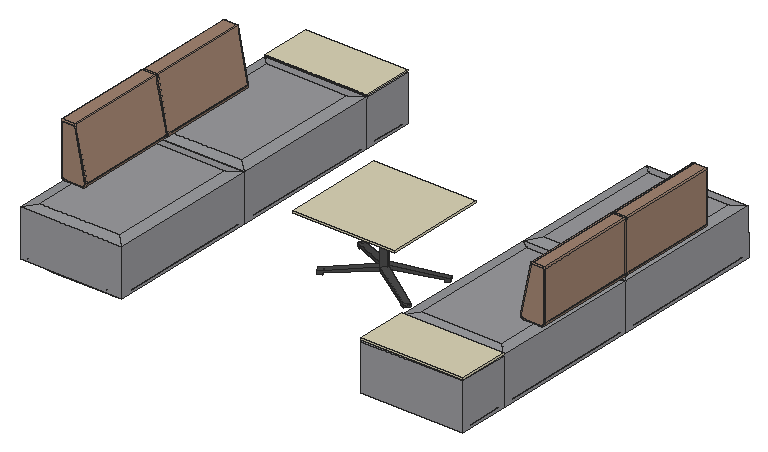
Revit family "System_Furniture-Teknion-Typical-DNA_Open_03", category Furniture Systems, Revit 2013
Parameters (values of type "DNA Open 03")
  URL = "http://teknion.com/"
  Product Page URL = "http://teknionplanningtool.com/"
  Product Line = "DNA"  # constant formula
  Model = "Open 03"  # constant formula
  Manufacturer Phone Number = "416-661-3370"  # constant formula
  Manufacturer Fax = "416.661.4586"  # constant formula
  Manufacturer Address = "1150 Flint Road, Toronto, ON. M3J 2J5. Canada"  # constant formula
  Manufacturer = "Teknion"  # constant formula
  Environmental Data = "http://www.teknion.com/about-teknion/environment/datasheets.asp"
  Description = "DNA Planning Style - Open 03"  # constant formula
  Contact Info = "http://www.teknion.com/contact/contactus.asp"
  Assembly Code = "E2020200"
  Additional Finishes = "http://www.teknion.com/fabrics-finishes/list/ff_main.html"
Reference planes (in)
  plane 1 "Center Front/Back": y = 0
  plane 2: z = 0
  plane 3 "Center Left/Right": x = 0
  plane 4: x = -56.5
  plane 5: x = 56.5
  plane 6: y = -45.5
  plane 7: y = 45.5
Dimensions and locks (in)
  equal spacing: plane 4, plane 3 "Center Left/Right", plane 5
  equal spacing: plane 7, plane 1 "Center Front/Back", plane 6
  aligned and locked: level to plane 2
Nested families (in)
  nested 1: "Table-Teknion-DNA_Freestanding_Coffee_Table" at (0, 0, 0), type "Freestanding Square Coffee Table"
  nested 2: "Table-Teknion-DNA_Add-On_Side_Table" at (-43.5, 39, 0) x (0, -1, 0) z (0, 0, 1), type "Add-On Side Table"
  nested 3: "Bench-Teknion-DNA_Seat_Bench_with_Bolster" at (43.5, 26, 0) x (0, -1, 0) z (0, 0, 1), type "DNA Bench with Bolster"
    with Bolster Right yes, Bolster Location 0' - 0", Bolster Left no, Bolster Center no
  nested 4: "Bench-Teknion-DNA_Seat_Bench_with_Bolster" at (43.5, -13, 0) x (0, -1, 0) z (0, 0, 1), type "DNA Bench with Bolster"
    with Bolster Right no, Bolster Location 1' - 1", Bolster Left yes, Bolster Center no
  nested 5: "Bench-Teknion-DNA_Seat_Bench_with_Bolster" at (-43.5, 13, 0) x (0, 1, 0) z (0, 0, 1), type "DNA Bench with Bolster"
    with Bolster Right no, Bolster Location 1' - 1", Bolster Left yes, Bolster Center no
  nested 6: "Bench-Teknion-DNA_Seat_Bench_with_Bolster" at (-43.5, -26, 0) x (0, 1, 0) z (0, 0, 1), type "DNA Bench with Bolster"
    with Bolster Right yes, Bolster Location 0' - 0", Bolster Left no, Bolster Center no
  nested 7: "Table-Teknion-DNA_Add-On_Side_Table" at (43.5, -39, 0) x (0, -1, 0) z (0, 0, 1), type "Add-On Side Table"
Definition of nested family "Table-Teknion-DNA_Freestanding_Coffee_Table"
  Parameters (values of type "Freestanding Square Coffee Table")
    Worksurface Finish = Flintwood - Teknion - FX - Flax
    Warranty = "http://www.teknion.com/legal/warranty.pdf"
    URL = "www.teknion.com"
    Square Top = not(Circular Top)  # yes
    Radius = 1' - 0.99777"
    Product Page URL = "http://www.teknion.com/products/seating_tables_dna/default.asp?text=3&country=us&product=dna&section=tables&subsection=casual"
    Product Name = "DNA"  # constant formula
    Product Documentation Link = "http://www.teknion.com/pricing/seating/pdfs/Teknion_dna_ppg.pdf"
    Model = if(Square Top, "NDNTS", "NDNTR")  # "NDNTS"
    Material = ""
    Manufacturer Phone Number = "416-661-3370"  # constant formula
    Manufacturer Fax = "416.661.4586 "  # constant formula
    Manufacturer Contact Information = "http://www.teknion.com/contact/contactus.asp"
    Manufacturer Address = "1150 Flint Road, Toronto, ON. M3J 2J5. Canada"  # constant formula
    Manufacturer = "Teknion"  # constant formula
    Keynote = "125000"
    Height = 1' - 4.06296"
    Environmental Data = "http://www.teknion.com/about-teknion/environment/datasheets.asp"
    Description = if(Square Top, "Freestanding Square Coffee Table", "Freestanding Round Coffee Table")  # "Freestanding Square Coffee Table"
    Circular Top = no
    Base Material = Paint - Teknion - 52 - Ebony
    Assembly Code = "E2020200"
  Types (3): name | Square Top | Model | Description | Circular Top
    (no name) | yes | "NDNTS" | "Freestanding Square Coffee Table" | no
    Freestanding Round Coffee Table | no | "NDNTR" | "Freestanding Round Coffee Table" | yes
    Freestanding Square Coffee Table | yes | "NDNTS" | "Freestanding Square Coffee Table" | no
  Reference planes (in)
    plane 1 "Center (Front/Back)": y = 0
    plane 2: z = 0
    plane 3 "Center (Left/Right)": x = 0
    plane 4 "Right": x = 12.99777
    plane 5 "Top": z = 16.06296
    plane 6: z = 15.68795
    plane 7: z = 15.43791
    plane 8: z = 1.88717
    plane 9 "Left": x = -12.99777
    plane 10 "Back": y = 12.99777
    plane 11 "Front": y = -13.00223
  Forms (in)
    Extrusion 1, solid, material "Paint - Teknion - 52 - Ebony" <- "Base Material"
      sketch origin (0, 0, 0) x (1, 0, 0) y (0, 1, 0)
        loop
          line (-0.0519, 1.39986) -> (-0.83939, 0.03117)
          arc (-0.83939, 0.03117) -> (-0.84772, 0) -> (-0.83939, -0.03117) r 0.0625
          line (-0.83939, -0.03117) -> (-0.0519, -1.39986)
          arc (-0.0519, -1.39986) -> (0, -1.42988) -> (0.0519, -1.39986) r 0.05988
          line (0.0519, -1.39986) -> (0.83939, -0.03117)
          arc (0.83939, -0.03117) -> (0.84772, 0) -> (0.83939, 0.03117) r 0.0625
          line (0.83939, 0.03117) -> (0.0519, 1.39986)
          arc (0.0519, 1.39986) -> (0, 1.42988) -> (-0.0519, 1.39986) r 0.05988
      from 1.88717 to 15.43791
    Extrusion 2, solid, material "Paint - Teknion - 52 - Ebony" <- "Base Material"
      sketch origin (0, 0, 0) x (1, 0, 0) y (0, 1, 0)
        loop
          line (-3.99773, 4) -> (-3.99773, -4) -> (4.00227, -4) -> (4.00227, 4) -> (-3.99773, 4)
      from 15.43791 to 15.68795
  Lines and regions (in)
    Masking region 1, visible <- "Circular Top"
      outline origin (0, 0, 0) x (1, 0, 0) y (0, 1, 0)
        loop
          circle (0, 0) r 13
    Masking region 2, visible <- "Square Top"
      outline origin (0, 0, 0) x (1, 0, 0) y (0, 1, 0)
        loop
          line (-12.99777, 12.99777) -> (-12.99777, -13.00223) -> (12.99777, -13.00223) -> (12.99777, 12.99777) -> (-12.99777, 12.99777)
  Dimensions and locks (in)
    "Radius": plane 4 "Right" to plane 3 "Center (Left/Right)"
    "Height": plane 5 "Top" to level
    equal spacing: plane 4 "Right", plane 3 "Center (Left/Right)", plane 9 "Left", locked at 12.99777 each
    Extrusion 2 sketch curve to plane 3 "Center (Left/Right)" to Extrusion 2 sketch curve = 0' - 3.99773" locked, 0' - 4.00227" locked
    Extrusion 2 sketch curve to plane 1 "Center (Front/Back)" to Extrusion 2 sketch curve = 0' - 4" locked, 0' - 4" locked
    plane 5 "Top" to plane 6 to plane 7 = 0' - 0 3/8" locked, 0' - 0.25005" locked
    Extrusion 1 sketch curve to Extrusion 1 sketch curve to Extrusion 1 sketch curve to Extrusion 1 sketch curve to plane 3 "Center (Left/Right)" to Extrusion 1 sketch curve to Extrusion 1 sketch curve to Extrusion 1 sketch curve to Extrusion 1 sketch curve = 0' - 0" locked, 0' - 0.78749" locked, 0' - 0" locked, 0' - 0.0519" locked, 0' - 0.0519" locked, 0' - 0" locked, 0' - 0.78749" locked, 0' - 0" locked
    Extrusion 1 sketch curve to Extrusion 1 sketch curve to Extrusion 1 sketch curve to Extrusion 1 sketch curve to plane 1 "Center (Front/Back)" to Extrusion 1 sketch curve to Extrusion 1 sketch curve to Extrusion 1 sketch curve to Extrusion 1 sketch curve = 0' - 0" locked, 0' - 1.3687" locked, 0' - 0" locked, 0' - 0.03117" locked, 0' - 0.03117" locked, 0' - 0" locked, 0' - 1.3687" locked, 0' - 0" locked
    locked: nested 5 to plane 3 "Center (Left/Right)" at 0.39481
    locked: plane 3 "Center (Left/Right)" to nested 3 at 0.39481
    locked: plane 3 "Center (Left/Right)" to nested 4 at 0.39481
    locked: nested 2 to plane 3 "Center (Left/Right)" at 0.39481
    locked: plane 8 to plane 2 at 1.88717
    locked: plane 4 "Right" to Masking region 1 sketch curve at 0.00223
    locked: plane 10 "Back" to Masking region 1 sketch curve at 0.00223
    locked: plane 1 "Center (Front/Back)" to nested 5 (angle 29.9144°)
    locked: nested 3 to plane 1 "Center (Front/Back)" (angle 29.9144°)
    locked: nested 4 to plane 1 "Center (Front/Back)" (angle 29.9144°)
    locked: plane 1 "Center (Front/Back)" to nested 2 (angle 29.9144°)
    aligned and locked: plane 6 to Extrusion 2
    aligned and locked: Extrusion 2 to plane 7
    aligned and locked: plane 7 to Extrusion 1
    aligned and locked: Extrusion 1 to plane 8
    aligned and locked: plane 3 "Center (Left/Right)" to nested 1
    aligned and locked: plane 6 to nested 1
    aligned and locked: plane 1 "Center (Front/Back)" to nested 1
    aligned and locked: nested 2 to plane 2
    aligned and locked: plane 2 to nested 4
    aligned and locked: plane 2 to nested 3
    aligned and locked: nested 5 to plane 2
    aligned and locked: plane 10 "Back" to Masking region 2 sketch curve
    aligned and locked: plane 9 "Left" to Masking region 2 sketch curve
    aligned and locked: Masking region 2 sketch curve to plane 11 "Front"
    aligned and locked: Masking region 2 sketch curve to plane 4 "Right"
  Automatic sketch dimensions
    Extrusion 1 sketch curve to Extrusion 1 sketch curve = 0' - 0.05417"  (x2)
    Extrusion 1 sketch curve to Extrusion 1 sketch curve = 0' - 0.02986"  (x2)
    plane 1 "Center (Front/Back)" to Masking region 1 sketch curve = 0' - 0"
  Nested families (in)
    nested 1: "DNA Table Top" at (0, 0, 15.68795), type "DNA Table Top"
      with Circular Top no
    nested 2: "DNA Table Legs" at (-0.44721, -0.7128, 0) x (0.8668, 0.4987, 0) z (0, 0, 1), Teknion - Base <- "Base Material", type "DNA Table Legs"
      with Teknion - Base Paint - Teknion - 52 - Ebony
    nested 3: "DNA Table Legs" at (0.44721, -0.7128, 0) x (-0.8668, 0.4987, 0) z (0, 0, 1), Teknion - Base <- "Base Material", type "DNA Table Legs"
      with Teknion - Base Paint - Teknion - 52 - Ebony
    nested 4: "DNA Table Legs" at (-0.44721, 0.7128, 0) x (0.8668, -0.4987, 0) z (0, 0, 1), Teknion - Base <- "Base Material", type "DNA Table Legs"
      with Teknion - Base Paint - Teknion - 52 - Ebony
    nested 5: "DNA Table Legs" at (0.44721, 0.7128, 0) x (-0.8668, -0.4987, 0) z (0, 0, 1), Teknion - Base <- "Base Material", type "DNA Table Legs"
      with Teknion - Base Paint - Teknion - 52 - Ebony
  Definition of nested family "DNA Table Top"
    Parameters (values of type "DNA Table Top")
      Table Top = none
      Square Top = yes
      Circular Top = yes
    Reference planes (in)
      plane 1 "Center (Front/Back)": y = 0
      plane 2: z = 0
      plane 3 "Center (Left/Right)": x = 0
      plane 4: z = 0.375
    Forms (in)
      Extrusion 1, solid, material <- "Table Top", visible <- "Circular Top"
        sketch origin (0, 0, 0) x (1, 0, 0) y (0, 1, 0)
          loop
            circle (0, 0) r 13
        from 0 to 0.375
      Extrusion 2, solid, material <- "Table Top", visible <- "Square Top"
        sketch origin (0, 0, 0) x (1, 0, 0) y (0, 1, 0)
          loop
            line (-13, 13) -> (-13, -12.99999) -> (13, -12.99999) -> (13, 13) -> (-13, 13)
        from 0 to 0.375
    Dimensions and locks (in)
      locked: plane 4 to plane 2 at 0.375
      aligned and locked: plane 2 to level
      aligned and locked: Extrusion 1 to plane 2
      aligned and locked: plane 4 to Extrusion 1
      aligned and locked: Extrusion 2 to plane 2
      aligned and locked: plane 4 to Extrusion 2
  Definition of nested family "DNA Table Legs"
    Parameters (values of type "DNA Table Legs")
      Teknion - Base [instance] = none
      Assembly Code = ""
    Reference planes (in)
      plane 1 "Center (Front/Back)": y = 0
      plane 2: z = 0
      plane 3 "Center (Left/Right)": x = 0
    Forms (in)
      Extrusion 1, solid, material <- "Teknion - Base"
        sketch origin (12.13224, -11.193, 0.02526) x (-1, 0, 0) y (0, 0, 1)
          loop
            line (12.13224, 2.77134) -> (12.13224, 1.86192) -> (23.56659, 0.36249) -> (23.56659, -0.02526) -> (24.88023, -0.02526) -> (24.88023, 0.53152)
            arc (24.88023, 0.53152) -> (24.85885, 0.58252) -> (24.81053, 0.60943) r 0.08464
            line (24.81053, 0.60943) -> (12.13224, 2.77134)
        from 10.40659 to 11.9794
Definition of nested family "Table-Teknion-DNA_Add-On_Side_Table"
  Parameters (values of type "Add-On Side Table with Module")
    Width = 2' - 2"  # constant formula
    Warranty = "http://www.teknion.com/legal/warranty.pdf"
    URL = "www.teknion.com"
    Surface Material = Flintwood - Teknion - FX - Flax
    Product Page URL = "http://www.teknion.com/products/seating_tables_dna/default.asp?country=us"
    Product Name = "DNA"  # constant formula
    Product Documentation Link = "http://www.teknion.com/pricing/seating/pdfs/Teknion_dna_ppg.pdf"
    Model = if(Data Electrical Module, "NDNM-D", "NDNM-N")  # "NDNM-N"
    Material = ""
    Manufacturer Phone Number = "416-661-3370"  # constant formula
    Manufacturer Fax = "416.661.4586"  # constant formula
    Manufacturer Contact Information = "http://www.teknion.com/contact/contactus.asp"
    Manufacturer Address = "1150 Flint Road, Toronto, ON. M3J 2J5. Canada"  # constant formula
    Manufacturer = "Teknion"  # constant formula
    Keynote = "125000"
    Height = 1' - 4 1/2"  # constant formula
    Frame Finish = Fabric - Teknion - S610 - Saturate Quarry
    Environmental Data = "http://www.teknion.com/about-teknion/environment/datasheets.asp"
    Description = "Add on Side Table"  # constant formula
    Depth = 1' - 1"  # constant formula
    Data Electrical Module = no
    Base Material = Paint - Teknion - 52 - Ebony
    Assembly Code = "E2020200"
  Types (2): name | Warranty | Surface Material | Manufacturer Contact Information | Frame Finish | Environmental Data | Base Material
    Add-On Side Table | "" | none | "" | none | "" | none
    Add-On Side Table with Module | "http://www.teknion.com/legal/warranty.pdf" | Flintwood - Teknion - FX - Flax | "http://www.teknion.com/contact/contactus.asp" | Fabric - Teknion - S610 - Saturate Quarry | "http://www.teknion.com/about-teknion/environment/datasheets.asp" | Paint - Teknion - 52 - Ebony
  Reference planes (in)
    plane 1 "Center (Front/Back)": y = 0
    plane 2: z = 0
    plane 3 "Center (Left/Right)": x = 0
    plane 4 "Back": y = 13
    plane 5 "Front": y = -13
    plane 6 "Left": x = -6.5
    plane 7 "Right": x = 6.5
    plane 8: y = 6.5
    plane 9: y = -6.5
    plane 10 "Top": z = 16.5
    plane 11: z = 16.125
    plane 12: z = 15.75
    plane 13: z = 4
    plane 14: z = 13
    plane 15: z = 0.5
    plane 16: x = -5.75
    plane 17: x = 5.625
    plane 18: x = -1.86286
    plane 19: x = 1.73786
  Forms (in)
    Extrusion 1, solid, material "Fabric - Teknion - S610 - Saturate Quarry" <- "Frame Finish"
      sketch origin (0, 0, 0) x (1, 0, 0) y (0, 1, 0)
        loop
          line (-6.5, 13) -> (-6.5, -13) -> (6.5, -13) -> (6.5, 13) -> (-6.5, 13)
      from 4 to 15.75
    Extrusion 2, solid, material "Paint - Teknion - 52 - Ebony" <- "Base Material"
      sketch origin (0, 0, 0) x (1, 0, 0) y (0, 1, 0)
        loop
          circle (0.00287, 6.50467) r 1
        loop
          circle (0.00287, -6.49533) r 1
      from 0 to 0.5
    SweptBlend 3, solid, material "Paint - Teknion - 52 - Ebony" <- "Base Material"
      path origin (0, 0, 0) x (0, 1, 0) y (0, 0, 1)
        loop
          line (0, 4) -> (0, 0.5)
      profile origin (0, 0, 4) x (1, 0, 0) y (0, 1, 0)
        loop
          line (-5.75, 12.125) -> (-5.75, -12.125) -> (5.625, -12.125) -> (5.625, 12.125) -> (-5.75, 12.125)
      end profile origin (0, 0, 0.5) x (1, 0, 0) y (0, 1, 0)
        loop
          line (-1.86286, 8.23786) -> (-1.86286, -8.23786) -> (1.73786, -8.23786) -> (1.73786, 8.23786) -> (-1.86286, 8.23786)
  Lines and regions (in)
    Masking region 1
      outline origin (0, 0, 0) x (1, 0, 0) y (0, 1, 0)
        loop
          line (-6.5, 13) -> (-6.5, -13) -> (6.5, -13) -> (6.5, 13) -> (-6.5, 13)
    Masking region 2, visible <- "Data Electrical Module"
      outline origin (0, 0, 0) x (1, 0, 0) y (0, 1, 0)
        loop
          line (-3.0625, 2.3125) -> (-3.0625, -2.3125)
          arc (-3.0625, -2.3125) -> (-2.84283, -2.84283) -> (-2.3125, -3.0625) r 0.75
          line (-2.3125, -3.0625) -> (2.3125, -3.0625)
          arc (2.3125, -3.0625) -> (2.84283, -2.84283) -> (3.0625, -2.3125) r 0.75
          line (3.0625, -2.3125) -> (3.0625, 2.3125)
          arc (3.0625, 2.3125) -> (2.84283, 2.84283) -> (2.3125, 3.0625) r 0.75
          line (2.3125, 3.0625) -> (-2.3125, 3.0625)
          arc (-2.3125, 3.0625) -> (-2.84283, 2.84283) -> (-3.0625, 2.3125) r 0.75
  Dimensions and locks (in)
    "Width": plane 4 "Back" to plane 5 "Front"
    "Depth": plane 6 "Left" to plane 7 "Right"
    equal spacing: plane 6 "Left", plane 3 "Center (Left/Right)", plane 7 "Right", locked at 6.5 each
    equal spacing: plane 4 "Back", plane 1 "Center (Front/Back)", plane 5 "Front", locked at 13 each
    "Height": level to plane 10 "Top"
    plane 14 to plane 10 "Top" = 0' - 3 1/2"
    plane 12 to plane 11 to plane 10 "Top" = 0' - 0 3/8" locked, 0' - 0 3/8" locked
    plane 13 to plane 15 to plane 2 = 0' - 3 1/2" locked, 0' - 0 1/2" locked
    plane 3 "Center (Left/Right)" to Extrusion 2 sketch curve to Extrusion 2 sketch curve = 0' - 1.00287" locked, 0' - 0" locked
    locked: Extrusion 2 sketch curve to plane 8 at 1.00467
    locked: Extrusion 2 sketch curve to plane 9 at 0.99533
    locked: plane 9 to plane 5 "Front" at 6.5
    locked: plane 4 "Back" to plane 8 at 6.5
    locked: plane 2 to level at 0
    Masking region 2 sketch curve to Masking region 2 sketch curve to Masking region 2 sketch curve to plane 3 "Center (Left/Right)" to Masking region 2 sketch curve to Masking region 2 sketch curve to Masking region 2 sketch curve = 0' - 0 3/4" locked, 0' - 0" locked, 0' - 2 5/16" locked, 0' - 2 5/16" locked, 0' - 0" locked, 0' - 0 3/4" locked
    Masking region 2 sketch curve to Masking region 2 sketch curve to Masking region 2 sketch curve to plane 1 "Center (Front/Back)" to Masking region 2 sketch curve to Masking region 2 sketch curve to Masking region 2 sketch curve = 0' - 0 3/4" locked, 0' - 0" locked, 0' - 2 5/16" locked, 0' - 2 5/16" locked, 0' - 0" locked, 0' - 0 3/4" locked
    aligned and locked: plane 15 to SweptBlend 3 sketch curve
    aligned and locked: plane 13 to SweptBlend 3 sketch curve
    aligned and locked: SweptBlend 3 sketch curve to plane 1 "Center (Front/Back)"
    aligned and locked: plane 18 to SweptBlend 3 sketch curve
    aligned and locked: SweptBlend 3 sketch curve to plane 19
    aligned and locked: plane 16 to SweptBlend 3 sketch curve
    aligned and locked: SweptBlend 3 sketch curve to plane 17
    aligned and locked: Extrusion 1 sketch curve to plane 7 "Right"
    aligned and locked: Extrusion 1 sketch curve to plane 4 "Back"
    aligned and locked: plane 6 "Left" to Extrusion 1 sketch curve
    aligned and locked: plane 5 "Front" to Extrusion 1 sketch curve
    aligned and locked: Extrusion 1 to plane 12
    aligned and locked: Extrusion 1 to plane 13
    aligned and locked: plane 3 "Center (Left/Right)" to nested 1
    aligned and locked: plane 1 "Center (Front/Back)" to nested 1
    aligned and locked: nested 1 to Extrusion 1
  Automatic sketch dimensions
    Masking region 1 sketch curve to plane 5 "Front" = 0' - 0"
    Masking region 1 sketch curve to plane 6 "Left" = 0' - 0"
    Masking region 1 sketch curve to plane 7 "Right" = 0' - 0"
    Masking region 1 sketch curve to plane 4 "Back" = 0' - 0"
    plane 3 "Center (Left/Right)" to Extrusion 2 sketch curve = 0' - 0.00287"  (x2)
    profile plane to SweptBlend 3 sketch curve = 0' - 8.23786"
    profile plane to SweptBlend 3 sketch curve = 1' - 0 1/8"
    SweptBlend 3 sketch curve to profile plane = 0' - 8.23786"
    SweptBlend 3 sketch curve to profile plane = 1' - 0 1/8"
  Nested families (in)
    nested 1: "DNA Side Table Top" at (0, 0, 15.125), Data Electrical Module <- "Data Electrical Module", type "Add-On Side Table"
      with No Data Electrical Module yes, Data Electrical Module no
  Definition of nested family "DNA Side Table Top"
    Parameters (values of type "Add-On Side Table")
      Width = 2' - 2"  # constant formula
      URL = ""
      Surface Material = none
      No Data Electrical Module [instance] = not(Data Electrical Module)  # no
      Model = "DNA"  # constant formula
      Manufacturer = "Teknion"  # constant formula
      Keynote = ""
      Description = ""
      Depth = 1' - 1"  # constant formula
      Data Electrical Module [instance] = yes
      Catalog = ""
      Base Material = none
      Assembly Code = ""
    Reference planes (in)
      plane 1 "Center (Front/Back)": y = 0
      plane 2: z = 1
      plane 3 "Center (Left/Right)": x = 0
      plane 4 "Back": y = 13
      plane 5 "Front": y = -13
      plane 6 "Left": x = -6.5
      plane 7 "Right": x = 6.5
      plane 8 "Top": z = 1.375
      plane 9: z = 1
      plane 10: z = 0.625
      plane 11: z = -3.125
      plane 12: y = -3
      plane 13: y = 3
      plane 14: x = -3
      plane 15: x = 3
    Forms (in)
      Extrusion 1, solid, material <- "Surface Material", visible <- "Data Electrical Module"
        sketch origin (0, 0, 1) x (1, 0, 0) y (0, 1, 0)
          loop
            line (-5.625, 12.125) -> (-5.625, -12.125) -> (5.625, -12.125) -> (5.625, 12.125) -> (-5.625, 12.125)
          loop
            line (2.25, 3) -> (-2.25, 3)
            arc (-2.25, 3) -> (-2.78033, 2.78033) -> (-3, 2.25) r 0.75
            line (-3, 2.25) -> (-3, -2.25)
            arc (-3, -2.25) -> (-2.78033, -2.78033) -> (-2.25, -3) r 0.75
            line (-2.25, -3) -> (2.25, -3)
            arc (2.25, -3) -> (2.78033, -2.78033) -> (3, -2.25) r 0.75
            line (3, -2.25) -> (3, 2.25)
            arc (3, 2.25) -> (2.78033, 2.78033) -> (2.25, 3) r 0.75
        from 0 to 0.375
      Extrusion 2, solid, material <- "Base Material", visible <- "Data Electrical Module"
        sketch origin (-15.77849, 1.19725, 1) x (1, 0, 0) y (0, 1, 0)
          loop
            arc (13.52849, 1.80275) -> (12.99816, 1.58308) -> (12.77849, 1.05275) r 0.75
            line (12.77849, 1.05275) -> (12.77849, -3.44725)
            arc (12.77849, -3.44725) -> (12.99816, -3.97758) -> (13.52849, -4.19725) r 0.75
            line (13.52849, -4.19725) -> (18.02849, -4.19725)
            arc (18.02849, -4.19725) -> (18.55882, -3.97758) -> (18.77849, -3.44725) r 0.75
            line (18.77849, -3.44725) -> (18.77849, 1.05275)
            arc (18.77849, 1.05275) -> (18.55882, 1.58308) -> (18.02849, 1.80275) r 0.75
            line (18.02849, 1.80275) -> (13.52849, 1.80275)
        from -4.125 to 0.375
      Sweep 3, solid, material <- "Surface Material", visible <- "Data Electrical Module"
        path origin (0, 0, 1) x (1, 0, 0) y (0, 1, 0)
          loop
            line (-6.5, 13) -> (-6.5, -13) -> (6.5, -13) -> (6.5, 13) -> (-6.5, 13)
        profile origin (0, 13, 1) x (0, 1, 0) y (0, 0, 1)
          loop
            line (0, 0.375) -> (-0.875, 0.375) -> (-0.875, -0.375) -> (-0.5, -0.375) -> (-0.5, 0) -> (0, 0) -> (0, 0.375)
      Sweep 4, solid, material <- "Surface Material", visible <- "No Data Electrical Module"
        path origin (0, 0, 1) x (1, 0, 0) y (0, 1, 0)
          loop
            line (-6.5, 13) -> (-6.5, -13) -> (6.5, -13) -> (6.5, 13) -> (-6.5, 13)
        profile origin (0, 13, 1) x (0, 1, 0) y (0, 0, 1)
          loop
            line (0, 0.375) -> (-0.875, 0.375) -> (-0.875, -0.375) -> (-0.5, -0.375) -> (-0.5, 0) -> (0, 0) -> (0, 0.375)
      Extrusion 5, solid, material <- "Surface Material", visible <- "No Data Electrical Module"
        sketch origin (0, 0, 1) x (1, 0, 0) y (0, 1, 0)
          loop
            line (-5.625, 12.125) -> (-5.625, -12.125) -> (5.625, -12.125) -> (5.625, 12.125) -> (-5.625, 12.125)
        from 0 to 0.375
    Cuts and joins
      joined: Extrusion 1, Sweep 3
      joined: Sweep 4, Extrusion 5
    Lines and regions (in)
      model lines, visible <- "Data Electrical Module"
        curve 1: arc (-2.875, 2.25, 1.375) -> (-2.69194, 2.69194, 1.375) -> (-2.25, 2.875, 1.375) r 0.625
        curve 2: line (-2.25, 2.875, 1.375) -> (2.25, 2.875, 1.375)
        curve 3: line (-2.875, 2.25, 1.375) -> (-2.875, -2.25, 1.375)
        curve 4: line (-2.875, 2.125, 1.375) -> (2.875, 2.125, 1.375)
        curve 5: line (-2.875, 2.0625, 1.375) -> (2.875, 2.0625, 1.375)
        curve 6: line (2.875, 2, 1.375) -> (-2.875, 2, 1.375)
        curve 7: line (-2.875, -1.75, 1.375) -> (2.875, -1.75, 1.375)
        curve 8: line (2.875, -2, 1.375) -> (-2.875, -2, 1.375)
        curve 9: arc (2.25, 2.875, 1.375) -> (2.69194, 2.69194, 1.375) -> (2.875, 2.25, 1.375) r 0.625
        curve 10: line (2.875, 2.25, 1.375) -> (2.875, -2.25, 1.375)
        curve 11: arc (2.875, -2.25, 1.375) -> (2.69194, -2.69194, 1.375) -> (2.25, -2.875, 1.375) r 0.625
        curve 12: line (2.25, -2.875, 1.375) -> (-2.25, -2.875, 1.375)
        curve 13: arc (-2.25, -2.875, 1.375) -> (-2.69194, -2.69194, 1.375) -> (-2.875, -2.25, 1.375) r 0.625
    Dimensions and locks (in)
      "Width": plane 4 "Back" to plane 5 "Front"
      "Depth": plane 6 "Left" to plane 7 "Right"
      equal spacing: plane 6 "Left", plane 3 "Center (Left/Right)", plane 7 "Right", locked at 6.5 each
      equal spacing: plane 4 "Back", plane 1 "Center (Front/Back)", plane 5 "Front", locked at 13 each
      locked: Extrusion 1 sketch curve to plane 5 "Front" at 0.875
      locked: plane 4 "Back" to Extrusion 1 sketch curve at 0.875
      locked: Extrusion 1 sketch curve to plane 7 "Right" at 0.875
      locked: plane 6 "Left" to Extrusion 1 sketch curve at 0.875
      locked: plane 2 to level at 0
      plane 8 "Top" to plane 9 to plane 10 to plane 11 = 0' - 0 3/8", 0' - 0 3/8", 0' - 3 3/4"
      equal spacing: plane 13, plane 1 "Center (Front/Back)", plane 12, locked at 3 each
      equal spacing: plane 14, plane 3 "Center (Left/Right)", plane 15, locked at 3 each
      aligned and locked: plane 8 "Top" to Extrusion 2
      aligned and locked: plane 4 "Back" to Sweep 3 sketch curve
      aligned and locked: plane 9 to cut or joined group of Extrusion 1, Sweep 3
      aligned and locked: cut or joined group of Extrusion 1, Sweep 3 to plane 8 "Top"
    Automatic sketch dimensions
      curve 13 to curve 8 = 0' - 0 1/4"
      curve 8 to curve 7 = 0' - 0 1/4"
      curve 6 to curve 9 = 0' - 0 1/4"
      curve 6 to curve 5 = 0' - 0 1/16"
      curve 5 to curve 4 = 0' - 0 1/16"
      curve 12 to Extrusion 2 = 0' - 0 3/4"
      curve 9 to curve 9 = 0' - 0 5/8"
      Sweep 3 sketch curve to plane 5 "Front" = 0' - 0"
      Sweep 3 sketch curve to plane 6 "Left" = 0' - 0"
      Sweep 3 sketch curve to plane 7 "Right" = 0' - 0"
      Sweep 3 sketch curve to plane 4 "Back" = 0' - 0"
      profile plane to Sweep 3 sketch curve = 0' - 0 1/2"
      Sweep 3 sketch curve to Sweep 3 sketch curve = 0' - 0 3/8"
      Sweep 3 sketch curve to plane 2 = 0' - 0"
      Sweep 3 sketch curve to plane 2 = 0' - 0 3/8"
      plane 2 to Sweep 3 sketch curve = 0' - 0 3/8"
      Sweep 4 sketch curve to plane 6 "Left" = 0' - 0"
      Sweep 4 sketch curve to plane 7 "Right" = 0' - 0"
      Sweep 4 sketch curve to plane 4 "Back" = 2' - 2"
      Sweep 4 sketch curve to Sweep 4 sketch curve = 2' - 2"
      Sweep 4 sketch curve to plane 2 = 0' - 0"
      Sweep 4 sketch curve to profile plane = 0' - 0"
      profile plane to Sweep 4 sketch curve = 0' - 0 1/2"
      Sweep 4 sketch curve to Sweep 4 sketch curve = 0' - 0 3/8"
      Sweep 4 sketch curve to plane 2 = 0' - 0 3/8"
      plane 2 to Sweep 4 sketch curve = 0' - 0 3/8"
      plane 6 "Left" to Extrusion 5 sketch curve = 0' - 0 7/8"
      Extrusion 5 sketch curve to plane 7 "Right" = 0' - 0 7/8"
      plane 5 "Front" to Extrusion 5 sketch curve = 0' - 0 7/8"
      Extrusion 5 sketch curve to plane 4 "Back" = 0' - 0 7/8"
      Extrusion 2 sketch curve to plane 14 = 0' - 0"
      plane 15 to Extrusion 2 sketch curve = 0' - 0 3/4"  (x2)
      Extrusion 2 sketch curve to plane 12 = 0' - 0"
      plane 14 to Extrusion 2 sketch curve = 0' - 0 3/4"  (x2)
      Extrusion 2 sketch curve to plane 13 = 0' - 0"
      Extrusion 2 sketch curve to plane 15 = 0' - 0"
      Extrusion 1 sketch curve to plane 14 = 0' - 0"
      plane 15 to Extrusion 1 sketch curve = 0' - 0 3/4"  (x2)
      Extrusion 1 sketch curve to plane 12 = 0' - 0"
      plane 14 to Extrusion 1 sketch curve = 0' - 0 3/4"  (x2)
      Extrusion 1 sketch curve to plane 13 = 0' - 0"
      Extrusion 1 sketch curve to plane 15 = 0' - 0"
      radius of curve 1 to Extrusion 2 = 0' - 0 1/8"
      radius of curve 11 to Extrusion 2 = 0' - 0 1/8"
Definition of nested family "Bench-Teknion-DNA_Seat_Bench_with_Bolster"
  Parameters (values of type "DNA Bench")
    Width = 3' - 3"
    Warranty = ""
    Seat Upholstery = Fabric - Teknion - S610 - Saturate Quarry
    URL = "www.teknion.com"
    Product Page URL = "http://www.teknion.com/products/seating_tables_dna/default.asp?text=2&country=us&product=dna&section=seating&subsection=soft"
    Product Name = "DNA"  # constant formula
    Product Documentation Link = "http://www.teknion.com/pricing/seating/pdfs/Teknion_dna_ppg.pdf"
    Model = if(Bolster, "NDNB", "NDNA")  # "NDNA"
    Material = ""
    Manufacturer Phone Number = ""
    Manufacturer Fax = ""
    Manufacturer Contact Information = ""
    Manufacturer Address = "1150 Flint Road, Toronto, ON. M3J 2J5. Canada"  # constant formula
    Manufacturer = "Teknion"  # constant formula
    Keynote = "125000"
    Height = 1' - 4 1/2"  # constant formula
    Environmental Data = ""
    Description = "Bench"  # constant formula
    Depth = 2' - 2"  # constant formula
    Bolster Upholstery = Fabric - Teknion - E504 - Fundamentals
    Bolster Right [instance] = no
    Bolster Location [instance] = if(Bolster Right, 0' 0", if(Bolster Left, 1' 1", if(Bolster Center, 0' 6 1/2", 0' 0")))  # 0' - 6 1/2"
    Bolster Left [instance] = no
    Bolster Center [instance] = yes
    Bolster = no
    Base Material = Paint - Teknion - 52 - Ebony
    Base Height = 0' - 4"
    Assembly Code = "E2020200"
  Types (3): name | Warranty | Model | Manufacturer Phone Number | Manufacturer Fax | Manufacturer Contact Information | Environmental Data | Bolster | Base Material
    (no name) | "" | "NDNA" | "" | "" | "" | "" | no | Paint - Teknion - 52 - Ebony
    DNA Bench | "" | "NDNA" | "" | "" | "" | "" | no | Paint - Teknion - 52 - Ebony
    DNA Bench with Bolster | "http://www.teknion.com/legal/warranty.pdf" | "NDNB" | "416-661-3370" | "416.661.4586" | "http://www.teknion.com/contact/contactus.asp" | "http://www.teknion.com/about-teknion/environment/datasheets.asp" | yes | none
  Reference planes (in)
    plane 1 "Center (Front/Back)": y = 0
    plane 2: z = 0
    plane 3 "Center (Left/Right)": x = 0
    plane 4: x = -19.5
    plane 5: x = 19.5
    plane 6: z = 4
    plane 7: z = 16.5
    plane 8: y = 13
    plane 9: y = -13
    plane 10: x = -6.79751
    plane 11: z = 0.5
    plane 12: x = 13
  Forms (in)
    Extrusion 1, solid, material "Paint - Teknion - 52 - Ebony" <- "Base Material"
      sketch origin (0, 0, 0) x (1, 0, 0) y (0, 1, 0)
        loop
          circle (-13, 6.5) r 1
        loop
          circle (13, 6.5) r 1
        loop
          circle (13, -6.50991) r 1
        loop
          circle (-13, -6.50991) r 1
      from 0 to 0.5
    Sweep 2, solid, material "Fabric - Teknion - S610 - Saturate Quarry" <- "Seat Upholstery"
      path origin (-44.2712, -180, 16.5) x (-1, 0, 0) y (0, -1, 0)
        loop
          line (-24.7712, -193) -> (-24.7712, -167) -> (-63.7712, -167) -> (-63.7712, -193) -> (-24.7712, -193)
      profile origin (0, 13, 16.5) x (0, 1, 0) y (0, 0, 1)
        loop
          line (-2.74891, 0) -> (-3, 0) -> (-3, -12.5) -> (0, -12.5) -> (0, -0.4998) -> (-2.74891, 0)
    Extrusion 3, solid, material "Fabric - Teknion - S610 - Saturate Quarry" <- "Seat Upholstery"
      sketch origin (0, 0, 0) x (1, 0, 0) y (0, 1, 0)
        loop
          line (-16.49778, 10) -> (-16.49778, -9.99891) -> (16.49891, -9.99891) -> (16.49891, 10) -> (-16.49778, 10)
      from 4 to 16.5
    SweptBlend 4, solid, material "Paint - Teknion - 52 - Ebony" <- "Base Material"
      path origin (0, 0, 0) x (1, 0, 0) y (0, 0, 1)
        loop
          line (0, 4) -> (0, 0.5)
      profile origin (0, 0, 4) x (0, -1, 0) y (1, 0, 0)
        loop
          line (-12.125, -18.625) -> (12.125, -18.625) -> (12.125, 18.625) -> (-12.125, 18.625) -> (-12.125, -18.625)
      end profile origin (0, 0, 0.5) x (0, -1, 0) y (1, 0, 0)
        loop
          line (-8.25, -14.75) -> (8.25991, -14.75) -> (8.25991, 14.75) -> (-8.25, 14.75) -> (-8.25, -14.75)
  Cuts and joins
    joined: Sweep 2, Extrusion 3
  Lines and regions (in)
    Masking region 1
      outline origin (0, 0, 0) x (1, 0, 0) y (0, 1, 0)
        loop
          line (-19.5, 13) -> (-19.5, -13) -> (19.5, -13) -> (19.5, 13) -> (-19.5, 13)
    Masking region 2, visible <- "Bolster"
      outline origin (0, 0, 0) x (1, 0, 0) y (0, 1, 0)
        loop
          line (-13, 12.75139) -> (-13, 6.96199) -> (13, 6.96199) -> (13, 12.75139) -> (-13, 12.75139)
  Dimensions and locks (in)
    equal spacing: plane 4, plane 3 "Center (Left/Right)", plane 5
    "Width": plane 4 to plane 5
    "Height": plane 7 to level
    equal spacing: plane 8, plane 1 "Center (Front/Back)", plane 9, locked at 13 each
    "Depth": plane 8 to plane 9
    plane 6 to plane 11 to plane 2 = 0' - 3 1/2" locked, 0' - 0 1/2" locked
    locked: plane 7 to Sweep 2 sketch curve at 0.4998
    plane 8 to Sweep 2 sketch curve to Sweep 2 sketch curve = 0' - 2.74891" locked, 0' - 0.25109" locked
    locked: Extrusion 3 sketch curve to plane 5 at 3.00109
    locked: plane 4 to Extrusion 3 sketch curve at 3.00222
    locked: plane 8 to Extrusion 3 sketch curve at 3
    locked: Extrusion 3 sketch curve to plane 9 at 3.00109
    Extrusion 1 sketch curve to Extrusion 1 sketch curve to plane 3 "Center (Left/Right)" to Extrusion 1 sketch curve to Extrusion 1 sketch curve = 0' - 0" locked, 1' - 1" locked, 1' - 1" locked, 0' - 0" locked
    Extrusion 1 sketch curve to Extrusion 1 sketch curve to plane 1 "Center (Front/Back)" to Extrusion 1 sketch curve to Extrusion 1 sketch curve = 0' - 0" locked, 0' - 6.50991" locked, 0' - 6 1/2" locked, 0' - 0" locked
    locked: SweptBlend 4 sketch curve to plane 9 at 0.875
    locked: plane 8 to SweptBlend 4 sketch curve at 0.875
    locked: plane 8 to SweptBlend 4 sketch curve at 4.75
    locked: SweptBlend 4 sketch curve to plane 9 at 4.74009
    "Bolster Location": plane 5 to plane 12
    plane 8 to Masking region 2 sketch curve to Masking region 2 sketch curve = 0' - 0.24861" locked, 0' - 5.78939" locked
    locked: Masking region 2 sketch curve to plane 12 at 26
    aligned and locked: plane 8 to Sweep 2 sketch curve
    aligned and locked: Sweep 2 sketch curve to plane 6
    aligned and locked: plane 7 to Extrusion 3
    aligned and locked: Extrusion 3 to plane 6
    aligned and locked: Extrusion 1 to plane 11
    aligned and locked: Extrusion 1 to plane 2
    aligned and locked: plane 11 to SweptBlend 4 sketch curve
    aligned and locked: plane 6 to SweptBlend 4 sketch curve
    aligned and locked: Masking region 1 sketch curve to cut or joined group of Sweep 2, Extrusion 3  (x4)
    aligned and locked: plane 7 to nested 1
    aligned and locked: nested 1 to plane 8
    aligned and locked: nested 1 to plane 12
    aligned and locked: Sweep 2 sketch curve to plane 5
    aligned and locked: plane 4 to Sweep 2 sketch curve
    aligned and locked: Sweep 2 sketch curve to plane 8
    aligned and locked: plane 9 to Sweep 2 sketch curve
    aligned and locked: SweptBlend 4 sketch curve to plane 3 "Center (Left/Right)"
    aligned and locked: plane 12 to Masking region 2 sketch curve
  Automatic sketch dimensions
    Sweep 2 sketch curve to plane 7 = 0' - 0"
    SweptBlend 4 sketch curve to profile plane = 1' - 6 5/8"
    SweptBlend 4 sketch curve to profile plane = 1' - 2 3/4"
    profile plane to SweptBlend 4 sketch curve = 1' - 6 5/8"
    profile plane to SweptBlend 4 sketch curve = 1' - 2 3/4"
    radius of Extrusion 1 sketch curve = 0' - 1"  (x4)
  Nested families (in)
    nested 1: "DNA Bolster" at (0, 13, 16.5), Bolster <- "Bolster", type "Bolster"
      with Bolster no
